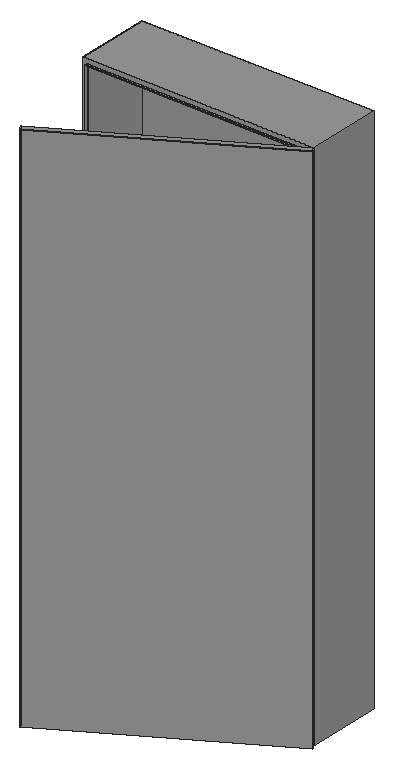
Revit family "Hager-Univers-IP41-D275-H1850-Cl.I-Steel_encl-NoHosted-AT-de", category Equipement électrique, Revit 2020
Family settings
  Configuration du panneau = Deux colonnes, circuits au sein
  Cote de connecteur circulaire = Utiliser le diamètre
  Type d'élément = Tableau de raccordement
  Basée sur le plan de construction = Oui
  Toujours verticalement = Oui
  Couper avec des vides une fois chargée = Non
  Partagée = Non
  Point de calcul de pièce = Non
Parameters (values of type "Aufputz IP41 B800 H1850 T275  - FS23E")
  Width Control [instance] = if([EF000008 - Breite] > Min Width, [EF000008 - Breite], Min Width)  # 800 mm
  Commentaires du type = [HG000003 - Bereich]  # "Univers"
  Thickness Door [instance] = if([EF009171 - Materialstärke Tür/Deckel] > 3 mm, 3 mm, [EF009171 - Materialstärke Tür/Deckel])  # 1.5 mm
  Seal Frame Offset [instance] = 17 mm  # constant formula
  Plinth Visibility [instance] = [HG000027 - Sockelhöhe] > 0 mm  # no
  Min Width [instance] = 100 mm  # constant formula
  Min Depth [instance] = (2 * [EF009170 - Materialstärke Gehäuse]) + 1 mm  # 4 mm
  Min Height [instance] = 100 mm  # constant formula
  Internal Frame Depth [instance] = (Door System Depth * 0.5)  # 9 mm
  Panel Name [instance] = ""  # (empty or 0)
  Model = ""
  HG000027 - Sockelhöhe = 0 mm
  HG000026 - Stehend auf dem Boden = no
  HG000024 - Höhe des unteren Teils = 600 mm
  HG000023 - Gehäuse mit doppeltem Querschnitt = no
  HG000016 - 3D-Türsichtbarkeit [instance] = yes
  HG000015 - Sichtbarkeit der Türöffnung [instance] = no
  HG000014 - Tür rechts [instance] = yes
  HG000013 - Tür links [instance] = not([HG000014 - Tür rechts])  # no
  HG000012 - Türschwenkwinkel [instance] = 30.00°
  HG000010 - Asymmetrische Türen = no
  HG000009 - Doppelflügeligen Tür = no
  HG000006 - Unterputz = no
  HG000004 - Herstellerreferenz = "FS23E"
  HG000003 - Bereich = "Univers"
  HG000002 - Mit tür = yes
  Frame Offset Bottom [instance] = 10 mm  # constant formula
  Frame Offset [instance] = 15 mm  # constant formula
  EF015940 - Deckel mit Überdruckentlastung = no
  EF011959 - Schutzart (NEMA) = ""
  EF009554 - Anzahl der Öffnungen für Flanschplatten = 6
  EF009212 - Ausführung Deckel = "EV000116 - geschlossen"
  EF009171 - Materialstärke Tür/Deckel = 1.5 mm
  EF009170 - Materialstärke Gehäuse = 1.5 mm
  EF008873 - Nennstrom (In) = 630 A
  EF007800 - Geeignet für Blitzschutz = no
  EF006306 - Mit Schloss = no
  EF006244 - Transparenter Deckel/Tür = no
  EF005474 - Schutzart (IP) = "EV006416 - IP41"
  EF004464 - Art der Tür = "EV002646 - Einzel"
  EF004427 - Anzahl der Module = 432
  EF004293 - Schlagfestigkeit = "EV006813 - IK07"
  EF003532 - Geeignet für Außengebrauch = no
  EF002950 - Breite in Teilungseinheiten = 24
  EF001613 - Funktionserhalt = "EV000494 - ohne"
  EF001596 - Werkstoff des Gehäuses = "EV000179 - Stahl"
  EF001131 - Innentiefe = 275 mm
  EF001088 - Anbaumöglichkeit = yes
  EF000437 - Anzahl der Leitungseinführungen = 6
  EF000339 - Art der Abdeckung = "EV004216 - Tür"
  EF000266 - Anzahl der Reihen = 12
  EF000218 - Einbautiefe = 0 mm
  EF000118 - Mit Montageplatte = no
  EF000116 - RAL-Nummer = "7035"
  EF000049 - Tiefe = 275 mm
  EF000040 - Höhe = 1850 mm
  EF000008 - Breite = 800 mm
  EF000007 - Farbe = "EV000270 - grau"
  EF000003 - Montageart = "EV000384 - Aufputz"
  Door System Leaf Tolerance [instance] = 1.5 mm  # constant formula
  Door System Depth [instance] = 18 mm  # constant formula
  Door Height [instance] = Height Control - [HG000027 - Sockelhöhe]  # 1850 mm
  Description = ""
  Default Elevation = 1219.2 mm
  Connector Offset [instance] = Height Control / 2  # 925 mm
  Fabricant = "Hager"  # constant formula
  Height Control [instance] = if([EF000040 - Höhe] > Min Height, [EF000040 - Höhe], Min Height)  # 1850 mm
  Depth Control [instance] = if([EF000049 - Tiefe] > Min Depth, [EF000049 - Tiefe], Min Depth)  # 275 mm
  Bottom Top Plate Trim [instance] = 1.5 mm  # constant formula
  Plinth height Ctrl [instance] = if([HG000027 - Sockelhöhe] > 0 mm, [HG000027 - Sockelhöhe], 12 mm)  # 12 mm
Types (5, lengths in mm): name | Width Control | HG000009 - Doppelflügeligen Tür | HG000004 - Herstellerreferenz | EF009554 - Anzahl der Öffnungen für Flanschplatten | EF004464 - Art der Tür | EF004427 - Anzahl der Module | EF000437 - Anzahl der Leitungseinführungen | EF000008 - Breite
  Aufputz IP41 B1050 H1850 T275  - FS24E | 1050 | yes | "FS24E" | 8 | "EV003602 - Doppel" | 576 | 8 | 1050
  Aufputz IP41 B1300 H1850 T275  - FS25E | 1300 | yes | "FS25E" | 10 | "EV003602 - Doppel" | 720 | 10 | 1300
  Aufputz IP41 B300 H1850 T275  - FS21E | 300 | no | "FS21E" | 2 | "EV002646 - Einzel" | 144 | 2 | 300
  Aufputz IP41 B550 H1850 T275  - FS22E | 550 | no | "FS22E" | 4 | "EV002646 - Einzel" | 288 | 4 | 550
  Aufputz IP41 B800 H1850 T275  - FS23E | 800 | no | "FS23E" | 6 | "EV002646 - Einzel" | 432 | 6 | 800
Reference planes
  plane 1 "Center (Front/Back)": y = 0
  plane 2: z = 0
  plane 3 "Center (Left/Right)": x = 0
  plane 4: y = 0
  plane 5: y = 0
  plane 6: z = 0
  plane 7: x = -400
  plane 8: x = 400
  plane 9: x = 398.5
  plane 10: x = -398.5
  plane 11: z = 0
  plane 12: z = 1.5
  plane 13: y = -275
  plane 14: y = -1.5
  plane 15: x = 0
  plane 16: y = -257
  plane 17: y = -273.5
  plane 18: y = -255.5
  plane 19: x = -383.5
  plane 20: x = 383.5
  plane 21: z = 11.5
  plane 22: x = -383
  plane 23: x = 383
  plane 24: z = 0
  plane 25: z = 1850
  plane 26: z = 1850
  plane 27: z = 1833.5
  plane 28: z = 1848.5
Forms (mm)
  Extrusion 1, solid, material "Hager_Steel_RAL7035_Light_Grey", detail levels medium+fine
    sketch origin (-208.679, -4572, 0) x (-1, 0, 0) y (0, -1, 0)
      loop
        line (191.321, -4315) -> (-608.679, -4315) -> (-608.679, -4572) -> (191.321, -4572) -> (191.321, -4315)
    from 0 to 1850
  Extrusion 2, void
    sketch origin (-350.771, -275, 1219.2) x (1, 0, 0) y (0, 0, 1)
      loop
        line (-47.729, 629.3) -> (-47.729, -1217.7) -> (749.271, -1217.7) -> (749.271, 629.3) -> (-47.729, 629.3)
    from -19.5 to -273.5
  Extrusion 3, void
    sketch origin (-290.084, -257, 1219.2) x (1, 0, 0) y (0, 0, 1)
      loop
        line (-93.416, -1207.7) -> (673.584, -1207.7) -> (673.584, 614.3) -> (-93.416, 614.3) -> (-93.416, -1207.7)
    from 0 to -1.5
  Extrusion 4, solid, material "Hager_Steel_RAL7035_Light_Grey", visible <- "Plinth Visibility", detail levels medium+fine
    sketch origin (0, 0, 0) x (1, 0, 0) y (0, 1, 0)
      loop
        line (-400, 0) -> (-400, -257) -> (400, -257) -> (400, 0) -> (-400, 0)
    from 0 to 12 <- "Plinth height Ctrl"
  Extrusion 5, solid, material "Hager_Steel_RAL7035_Light_Grey", detail levels coarse
    sketch origin (0, 0, 0) x (1, 0, 0) y (0, 1, 0)
      loop
        line (-400, 0) -> (-400, -275) -> (400, -275) -> (400, 0) -> (-400, 0)
    from 0 to 1850 <- "Height Control"
  Sweep 6, void
    path in 3D
      loop
        line (-400, -257, 12) -> (400, -257, 12) -> (400, 0, 12) -> (-400, 0, 12) -> (-400, -257, 12)
    profile origin (-400, -128.5, 12) x (1, 0, 0) y (0, 0, 1)
      loop
        line (0, 0) -> (0, -1.5) -> (1.5, -1.5)
        arc (1.5, -1.5) -> (1.061, -0.439) -> (0, 0) r 1.5
  Extrusion 7, solid, material "Hager_Steel_RAL7035_Light_Grey", detail levels fine
    sketch origin (-400, -257, 0) x (1, 0, 0) y (0, 0, 1)
      loop
        line (16.5, 11.5) -> (783.5, 11.5) -> (783.5, 1833.5) -> (16.5, 1833.5) -> (16.5, 11.5)
      loop
        line (15, 10) -> (785, 10) -> (785, 1835) -> (15, 1835) -> (15, 10)
    from 0 to 9 <- "Internal Frame Depth"
Cuts and joins
  Extrusion 2, Extrusion 3 cuts Extrusion 1
  Sweep 6 cuts Extrusion 4
Lines and regions (mm)
  Masking region 1
    outline origin (0, 0, 0) x (1, 0, 0) y (0, 1, 0)
      loop
        line (-400, 0) -> (-400, -275) -> (400, -275) -> (400, 0) -> (-400, 0)
  Masking region 2, detail levels coarse
    outline origin (-290.084, -257, 1219.2) x (-1, 0, 0) y (0, 0, 1)
      loop
        line (-690.084, -1219.2) -> (109.916, -1219.2) -> (109.916, 630.8) -> (-690.084, 630.8) -> (-690.084, -1219.2)
  Masking region 3, detail levels coarse
    outline origin (0, 0, 0) x (0, 1, 0) y (0, 0, 1)
      loop
        line (0, 0) -> (0, 1850) -> (-275, 1850) -> (-275, 0) -> (0, 0)
  Masking region 4, visible <- "Plinth Visibility", detail levels medium+fine
    outline origin (0, 0, 0) x (0, 1, 0) y (0, 0, 1)
      loop
        line (-1.5, 12) -> (-255.5, 12)
        arc (-255.5, 12) -> (-255.939, 10.939) -> (-257, 10.5) r 1.5
        line (-257, 10.5) -> (-257, 0) -> (0, 0) -> (0, 10.5)
        arc (0, 10.5) -> (-1.061, 10.939) -> (-1.5, 12) r 1.5
  Masking region 5, detail levels medium+fine
    outline origin (0, 0, 594.038) x (0, 1, 0) y (0, 0, 1)
      loop
        line (0, -594.038) -> (0, 1255.962) -> (-257, 1255.962) -> (-257, -594.038) -> (0, -594.038)
  Masking region 6, detail levels medium+fine
    outline origin (-359.7, -257, 1211.883) x (-1, 0, 0) y (0, 0, 1)
      loop
        line (-759.7, -1211.883) -> (40.3, -1211.883) -> (40.3, 638.117) -> (-759.7, 638.117) -> (-759.7, -1211.883)
  Masking region 7, visible <- "Plinth Visibility", detail levels medium+fine
    outline origin (-320.334, -257, 1041.368) x (-1, 0, 0) y (0, 0, 1)
      loop
        line (-720.334, -1041.368) -> (79.666, -1041.368) -> (79.666, -1030.868)
        arc (79.666, -1030.868) -> (78.606, -1030.429) -> (78.166, -1029.368) r 1.5
        line (78.166, -1029.368) -> (-718.834, -1029.368)
        arc (-718.834, -1029.368) -> (-719.273, -1030.429) -> (-720.334, -1030.868) r 1.5
        line (-720.334, -1030.868) -> (-720.334, -1041.368)
  sketch lines
    curve 1: line (-400, 0, 12) -> (-400, -257, 12)
    curve 2: line (-400, -257, 12) -> (400, -257, 12)
    curve 3: line (400, 0, 12) -> (-400, 0, 12)
    curve 4: line (400, -257, 12) -> (400, 0, 12)
Dimensions and locks
  locked: plane 1 "Center (Front/Back)" to plane 5
  "EF009170 - Materialstärke Gehäuse": plane 7 to plane 10
  "EF009170 - Materialstärke Gehäuse": plane 8 to plane 9
  equal spacing: plane 7, plane 3 "Center (Left/Right)", plane 8
  "Width Control": plane 7 to plane 8
  "Depth Control": plane 4 to plane 13
  "EF009170 - Materialstärke Gehäuse": plane 4 to plane 14
  "Height Control": plane 25 to level
  "HG000027 - Sockelhöhe": plane 11 to level
  "EF009170 - Materialstärke Gehäuse": plane 12 to plane 11
  "EF009170 - Materialstärke Gehäuse": plane 17 to plane 13
  "EF009170 - Materialstärke Gehäuse": plane 18 to plane 16
  "Frame Offset Bottom": plane 21 to plane 12
  "Frame Offset": plane 10 to plane 19
  "Frame Offset": plane 9 to plane 20
  "Door System Depth": plane 16 to plane 13
  "Seal Frame Offset": plane 7 to plane 22
  "Seal Frame Offset": plane 8 to plane 23
  "EF009170 - Materialstärke Gehäuse": plane 26 to plane 28
  "Frame Offset": plane 28 to plane 27
  "Connector Offset": plane 2 to connector elem
  "Bottom Top Plate Trim": profile plane to Sweep 6 sketch curve
  "Bottom Top Plate Trim": Sweep 6 sketch curve to Sweep 6 sketch curve
  "Plinth height Ctrl": Masking region 4 sketch curve to level
  "Plinth height Ctrl": Masking region 7 sketch curve to level
  "Thickness Door": Extrusion 7 sketch curve to Extrusion 7 sketch curve  (x4)
  "Bottom Top Plate Trim": radius of Sweep 6 sketch curve
  "Bottom Top Plate Trim": radius of Masking region 4 sketch curve  (x2)
  "Bottom Top Plate Trim": radius of Masking region 7 sketch curve  (x2)
  aligned and locked: Extrusion 2 sketch curve to plane 12
  aligned and locked: Extrusion 2 sketch curve to plane 9
  aligned and locked: Extrusion 2 sketch curve to plane 10
  aligned and locked: Extrusion 2 to plane 14
  aligned and locked: Extrusion 1 sketch curve to plane 4
  aligned and locked: plane 8 to Extrusion 1 sketch curve
  aligned and locked: plane 7 to Extrusion 1 sketch curve
  aligned and locked: Extrusion 2 to plane 18
  aligned and locked: Extrusion 3 sketch curve to plane 19
  aligned and locked: plane 20 to Extrusion 3 sketch curve
  aligned and locked: Extrusion 3 to Extrusion 2
  aligned and locked: Extrusion 3 sketch curve to plane 21
  aligned and locked: plane 3 "Center (Left/Right)" to nested 1
  aligned and locked: Extrusion 1 sketch curve to plane 16
  aligned and locked: Extrusion 4 sketch curve to cut or joined group of Extrusion 1, Extrusion 2, Extrusion 3
  aligned and locked: Masking region 1 sketch curve to plane 7
  aligned and locked: Masking region 1 sketch curve to plane 5
  aligned and locked: Masking region 1 sketch curve to plane 8
  aligned and locked: Masking region 2 sketch curve to level
  aligned and locked: level to Masking region 3 sketch curve
  aligned and locked: plane 1 "Center (Front/Back)" to Masking region 3 sketch curve
  aligned and locked: plane 13 to Masking region 3 sketch curve
  aligned and locked: plane 5 to Masking region 4 sketch curve
  aligned and locked: Masking region 2 sketch curve to plane 8
  aligned and locked: Masking region 2 sketch curve to plane 7
  aligned and locked: plane 7 to nested 2
  aligned and locked: nested 2 to plane 5
  aligned and locked: plane 5 to Masking region 5 sketch curve
  aligned and locked: plane 26 to Masking region 5 sketch curve
  aligned and locked: Extrusion 5 sketch curve to plane 8
  aligned and locked: Extrusion 5 sketch curve to plane 7
  aligned and locked: Extrusion 5 sketch curve to plane 5
  aligned and locked: Extrusion 3 sketch curve to plane 27
  aligned and locked: Extrusion 2 sketch curve to plane 28
  aligned and locked: Masking region 2 to plane 25
  aligned and locked: Extrusion 4 to plane 16
  aligned and locked: profile plane to Sweep 6 sketch curve
  aligned and locked: Masking region 5 sketch curve to plane 24
  aligned and locked: level to Masking region 4 sketch curve
  aligned and locked: Masking region 1 to plane 13
  aligned and locked: nested 1 to plane 16
  aligned and locked: Masking region 3 to plane 25
  aligned and locked: plane 16 to Masking region 4 sketch curve
  aligned and locked: Masking region 5 sketch curve to plane 16
  aligned and locked: plane 24 to plane 11
  aligned and locked: plane 26 to plane 25
  aligned and locked: plane 26 to cut or joined group of Extrusion 1, Extrusion 2, Extrusion 3
  aligned and locked: nested 1 to plane 24
  aligned and locked: Extrusion 1 to Extrusion 3
  aligned and locked: Masking region 6 sketch curve to plane 8
  aligned and locked: Masking region 6 sketch curve to plane 24
  aligned and locked: Masking region 6 sketch curve to plane 7
  aligned and locked: Masking region 6 sketch curve to plane 26
  aligned and locked: Masking region 7 sketch curve to plane 7
  aligned and locked: level to Masking region 7 sketch curve
  aligned and locked: Masking region 7 sketch curve to plane 8
  aligned and locked: Extrusion 7 sketch curve to cut or joined group of Extrusion 1, Extrusion 2, Extrusion 3  (x4)
Automatic sketch dimensions
  plane 19 to Extrusion 3 sketch curve = 0 mm
  Extrusion 3 sketch curve to plane 20 = 0 mm
  Extrusion 3 sketch curve to plane 21 = 0 mm
  Extrusion 4 sketch curve to plane 7 = 0 mm
  Extrusion 4 sketch curve to plane 8 = 0 mm
  Extrusion 4 sketch curve to plane 16 = 0 mm
  Masking region 1 sketch curve to plane 13 = 0 mm
  Masking region 2 sketch curve to plane 25 = 0 mm
  Masking region 3 sketch curve to plane 25 = 0 mm
  Extrusion 5 sketch curve to plane 13 = 0 mm
  profile plane to Sweep 6 sketch curve = 0 mm
Nested families
  nested 1: "EC000058_Univers_Door" at (0, -257, 0), Double <- "HG000009 - Doppelflügeligen Tür", Transparent <- "EF006244 - Transparenter Deckel/Tür", Angle <- "HG000012 - Türschwenkwinkel", Door_Right <- "HG000014 - Tür rechts", Assymetrical <- "HG000010 - Asymmetrische Türen", Door <- "HG000002 - Mit tür", Width_Ctrl <- "Width Control", 3d_Door <- "HG000016 - 3D-Türsichtbarkeit", Clearance <- "HG000015 - Sichtbarkeit der Türöffnung", Door_Left <- "HG000013 - Tür links", Width <- "Width Control", Door_Depth <- "Door System Depth", Leaf_Tolerance <- "Door System Leaf Tolerance", Height <- "Door Height", Lock_Visibility <- "EF006306 - Mit Schloss", Thickness <- "Thickness Door", type "EC000058_Univers_Door", detail levels medium+fine
    with min_wh 4 mm, Width_Ctrl 800 mm, Width 800 mm, Transparent no, Thickness 1.5 mm, Seal_Material Hager_Rubber, Lock_Visibility no, Lock_Material Hager_Plastic_RAL9005_Jet_Black, Leaf_Width 800 mm, Leaf_Tolerance_External_Sides 0 mm, Leaf_Tolerance 1.5 mm, Leaf_Offset 0 mm, Leaf_Height 1847 mm, Leaf_2_Width 800 mm, Leaf_2_Offset 400 mm, Leaf_1_Width 800 mm, Leaf_1_Offset 400 mm, Height_Ctrl 1850 mm, Height 1850 mm, Glass_Material Hager_Glass, Double_Clearance_Ctrl no, Double no, Door_Right_Ctrl yes, Door_Right yes, Door_Material Hager_Steel_RAL7035_Light_Grey, Door_Left_Ctrl no, Door_Left no, Door_Depth 18 mm, Door yes, Clearance_Material Hager_Clearance, Clearance_Depth 800 mm, Clearance_Ctrl no, Clearance no, Assymetrical no, Angle 30.00°, 3d_Door yes
  nested 2: "Hager_Enclosure_Symbol" at (-400, 0, 0), Height <- "Depth Control", Width <- "Width Control", type "Hager_Enclosure_Symbol"
    with Width_Ctrl 800 mm, Width 800 mm, Height_Ctrl 275 mm, Height 275 mm, A_Width_Int 18.047 mm, A_Width 216.562 mm, A_Height_Ctrl 240.625 mm, A_Height 240.625 mm
Connectors
  electrical at (0, 0, 925)
    settings: on plane 1 "Center (Front/Back)", index 1, voltage 0 V, apparent load 0 VA, apparent load phase1 0 VA, apparent load phase2 0 VA, apparent load phase3 0 VA, power factor 1, load classification "Other", number of poles 1, system type 30, power factor state 1, is connector primary yes, connector utility no, sub classification motor no, connector description ""
Definition of nested family "EC000058_Univers_Door"
  Parameters (values of type "EC000058_Univers_Door")
    min_wh [instance] = (2 * Thickness) + 1 mm  # 11 mm
    Width_Ctrl [instance] = 400 mm
    Width [instance] = 500 mm
    Transparent [instance] = yes
    Thickness [instance] = 5 mm
    Seal_Material [instance] = none
    Lock_Visibility [instance] = yes
    Lock_Material [instance] = none
    Leaf_Width [instance] = if((Width_Ctrl - 2 * Leaf_Tolerance_External_Sides) > 0 mm, (Width_Ctrl - 2 * Leaf_Tolerance_External_Sides), min_wh)  # 400 mm
    Leaf_Tolerance_External_Sides [instance] = 0 mm  # constant formula
    Leaf_Tolerance [instance] = 1.5 mm
    Leaf_Offset [instance] = 0 mm  # constant formula
    Leaf_Height [instance] = if((Height_Ctrl - 2 * Leaf_Tolerance) > 0 mm, (Height_Ctrl - 2 * Leaf_Tolerance), min_wh)  # 497 mm
    Leaf_2_Width [instance] = if(and(and(Double, Assymetrical), Door_Left), (Leaf_Width / 3) - (Leaf_Tolerance / 2), if(and(and(Double, Assymetrical), Door_Right), (Leaf_Width / 3) * 2 - (Leaf_Tolerance / 2), if(and(Double, not(Assymetrical)), (Leaf_Width / 2) - Leaf_Tolerance, Leaf_Width)))  # 400 mm
    Leaf_2_Offset [instance] = if(and(Double, Assymetrical), Leaf_2_Width / 2, if(and(Double, not(Assymetrical)), Leaf_Width / 4, Leaf_Width / 2))  # 200 mm
    Leaf_1_Width [instance] = if(and(and(Double, Assymetrical), Door_Right), (Leaf_Width / 3) - (Leaf_Tolerance / 2), if(and(and(Double, Assymetrical), Door_Left), (Width / 3) * 2 - (Leaf_Tolerance / 2), if(and(Double, not(Assymetrical)), (Leaf_Width / 2) - Leaf_Tolerance, Leaf_Width)))  # 400 mm
    Leaf_1_Offset [instance] = if(and(Double, Assymetrical), Leaf_1_Width / 2, if(and(Double, not(Assymetrical)), Leaf_Width / 4, Leaf_Width / 2))  # 200 mm
    Height_Ctrl [instance] = if(Height > min_wh, Height, min_wh)  # 500 mm
    Height [instance] = 500 mm
    Glass_Material [instance] = none
    Double_Clearance_Ctrl [instance] = and(Double, Clearance)  # no
    Double [instance] = no
    Door_Right_Ctrl [instance] = and(or(Door_Right, Double), Door)  # yes
    Door_Right [instance] = yes
    Door_Material [instance] = none
    Door_Left_Ctrl [instance] = and(or(Door_Left, Double), Door)  # no
    Door_Left [instance] = no
    Door_Depth [instance] = 30 mm
    Door [instance] = yes
    Default Elevation = 1219.2 mm
    Clearance_Material [instance] = none
    Clearance_Depth [instance] = if(Leaf_1_Width > Leaf_2_Width, Leaf_1_Width, Leaf_2_Width)  # 400 mm
    Clearance_Ctrl [instance] = and(not(Double), Clearance)  # yes
    Clearance [instance] = yes
    Assymetrical [instance] = yes
    Angle [instance] = 30.00°
    3d_Door [instance] = yes
  Reference planes
    plane 1 "Center (Front/Back)": y = 0
    plane 2 "Bottom": z = 0
    plane 3 "Center (Left/Right)": x = 0
    plane 4: z = 500
    plane 5: x = -200
    plane 6: x = 200
    plane 7: z = 500
    plane 8: x = -200
    plane 9: z = 0
    plane 10: x = 200
    plane 11: y = 0
    plane 12: z = 1.5
    plane 13: x = -600
    plane 14: y = -400
    plane 15: x = 600
    plane 16: x = 0
    plane 17: x = 0
    plane 18: x = -200
    plane 19: x = 200
    plane 20: z = 498.5
  Forms (mm)
    Extrusion 1, solid, material <- "Clearance_Material", visible <- "Double_Clearance_Ctrl"
      sketch origin (1200, 0, 0) x (1, 0, 0) y (0, 0, -1)
        loop
          line (-1800, -498.5) -> (-600, -498.5) -> (-600, 0) -> (-1800, 0) -> (-1800, -498.5)
      from 0 to -400
  Dimensions and locks
    equal spacing: plane 5, plane 3 "Center (Left/Right)", plane 6
    "Width_Ctrl": plane 5 to plane 6
    "Leaf_Offset": plane 5 to plane 8
    "Leaf_Offset": plane 6 to plane 10
    "Leaf_Offset": plane 9 to level
    "Leaf_Offset": plane 4 to plane 7
    "Height_Ctrl": plane 4 to level
    "Leaf_Tolerance": plane 12 to plane 9
    locked: plane 11 to plane 1 "Center (Front/Back)"
    "Leaf_1_Offset": plane 18 to plane 16
    "Leaf_2_Offset": plane 17 to plane 19
    "Leaf_1_Width": plane 13 to plane 8
    "Leaf_2_Width": plane 10 to plane 15
    "Clearance_Depth": plane 14 to plane 1 "Center (Front/Back)"
    "Leaf_Tolerance_External_Sides": plane 8 to plane 18
    "Leaf_Tolerance_External_Sides": plane 19 to plane 10
    "Leaf_Tolerance": plane 7 to plane 20
    aligned and locked: level to plane 2 "Bottom"
    aligned and locked: nested 1 to plane 16
    aligned and locked: nested 2 to plane 17
    aligned and locked: Extrusion 1 to plane 13
    aligned and locked: plane 15 to Extrusion 1
    aligned and locked: Extrusion 1 to plane 14
    aligned and locked: plane 12 to nested 1
    aligned and locked: nested 2 to plane 12
    aligned and locked: Extrusion 1 to plane 11
    aligned and locked: plane 20 to Extrusion 1
    aligned and locked: nested 2 to plane 11
    aligned and locked: nested 1 to plane 11
  Automatic sketch dimensions
    Extrusion 1 sketch curve to level = 0 mm
    plane 5 to Extrusion 1 sketch curve = 400 mm
    plane 6 to Extrusion 1 sketch curve = 400 mm
    Extrusion 1 sketch curve to plane 4 = 1.5 mm
  Nested families
    nested 1: "EC000058_Univers_Door_Leaf" at (0, 0, 1.5), Width <- "Leaf_1_Width", visible <- "Door_Left_Ctrl", Leaf_Height <- "Leaf_Height", Angle <- "Angle", 3d_Door <- "3d_Door", Transparent <- "Transparent", Clearance Material <- "Clearance_Material", Clearance <- "Clearance_Ctrl", Door_Material <- "Door_Material", Glass_Material <- "Glass_Material", Door_Depth <- "Door_Depth", Lock_Material <- "Lock_Material", Seal_Material <- "Seal_Material", Lock_Visibility <- "Lock_Visibility", Thickness <- "Thickness", type "EC000058_Univers_Door_Leaf"
      with Width 400 mm, Transparent_Glass_Offset 30 mm, Transparent_Ctrl yes, Transparent yes, Thickness 5 mm, Standard no, Seal_Material none, Seal_D2 8 mm, Seal_D1 1 mm, Offset_Internal_Frame 10 mm, Lock_Width 20 mm, Lock_Visibility_3d yes, Lock_Visibility yes, Lock_Thickness_3 3 mm, Lock_Thickness_2 1 mm, Lock_Thickness_1 3 mm, Lock_Radius_Offset_2 16 mm, Lock_Radius_Offset_1 15 mm, Lock_Radius_2 5 mm, Lock_Radius 6 mm, Lock_Offset 5 mm, Lock_Material none, Lock_Height 80 mm, Lock_Cover_Top_Offset_2d 17 mm, Lock_Cover_Height -65 mm, Leaf_Height 497 mm, Internal_Seal_Thickness 8 mm, Internal_Seal_Depth_2 4.5 mm, Internal_Frame_Depth 25 mm, Glass_Thickness -1 mm, Glass_Offset -2 mm, Glass_Material none, Door_Material none, Door_Depth 30 mm, Clearance Material none, Clearance yes, Angle_Ctrl 30.00°, Angle 30.00°, 3d_Door yes
    nested 2: "EC000058_Univers_Door_Leaf" at (0, 0, 1.5) x (-1, 0, 0) z (0, 0, 1), Width <- "Leaf_2_Width", visible <- "Door_Right_Ctrl", Leaf_Height <- "Leaf_Height", Angle <- "Angle", 3d_Door <- "3d_Door", Transparent <- "Transparent", Clearance Material <- "Clearance_Material", Clearance <- "Clearance_Ctrl", Door_Material <- "Door_Material", Glass_Material <- "Glass_Material", Door_Depth <- "Door_Depth", Lock_Material <- "Lock_Material", Seal_Material <- "Seal_Material", Lock_Visibility <- "Lock_Visibility", Thickness <- "Thickness", type "EC000058_Univers_Door_Leaf"
      with Width 400 mm, Transparent_Glass_Offset 30 mm, Transparent_Ctrl yes, Transparent yes, Thickness 5 mm, Standard no, Seal_Material none, Seal_D2 8 mm, Seal_D1 1 mm, Offset_Internal_Frame 10 mm, Lock_Width 20 mm, Lock_Visibility_3d yes, Lock_Visibility yes, Lock_Thickness_3 3 mm, Lock_Thickness_2 1 mm, Lock_Thickness_1 3 mm, Lock_Radius_Offset_2 16 mm, Lock_Radius_Offset_1 15 mm, Lock_Radius_2 5 mm, Lock_Radius 6 mm, Lock_Offset 5 mm, Lock_Material none, Lock_Height 80 mm, Lock_Cover_Top_Offset_2d 17 mm, Lock_Cover_Height -65 mm, Leaf_Height 497 mm, Internal_Seal_Thickness 8 mm, Internal_Seal_Depth_2 4.5 mm, Internal_Frame_Depth 25 mm, Glass_Thickness -1 mm, Glass_Offset -2 mm, Glass_Material none, Door_Material none, Door_Depth 30 mm, Clearance Material none, Clearance yes, Angle_Ctrl 30.00°, Angle 30.00°, 3d_Door yes
  Definition of nested family "EC000058_Univers_Door_Leaf"
    Parameters (values of type "EC000058_Univers_Door_Leaf")
      Width [instance] = 2000 mm
      Transparent_Glass_Offset [instance] = 30 mm
      Transparent_Ctrl [instance] = and(Transparent, [3d_Door])  # yes
      Transparent [instance] = yes
      Thickness [instance] = 5 mm
      Standard [instance] = and(not(Transparent), [3d_Door])  # no
      Seal_Material [instance] = none
      Seal_D2 [instance] = 8 mm  # constant formula
      Seal_D1 [instance] = 1 mm  # constant formula
      Offset_Internal_Frame [instance] = 10 mm  # constant formula
      Lock_Width [instance] = 20 mm  # constant formula
      Lock_Visibility_3d [instance] = and(Lock_Visibility, [3d_Door])  # yes
      Lock_Visibility [instance] = yes
      Lock_Thickness_3 [instance] = 3 mm  # constant formula
      Lock_Thickness_2 [instance] = 1 mm  # constant formula
      Lock_Thickness_1 [instance] = 3 mm  # constant formula
      Lock_Radius_Offset_2 [instance] = Lock_Radius_Offset_1 + 1 mm  # 16 mm
      Lock_Radius_Offset_1 [instance] = 15 mm  # constant formula
      Lock_Radius_2 [instance] = Lock_Radius - 1 mm  # 5 mm
      Lock_Radius [instance] = 6 mm  # constant formula
      Lock_Offset [instance] = 5 mm  # constant formula
      Lock_Material [instance] = none
      Lock_Height [instance] = 80 mm  # constant formula
      Lock_Cover_Top_Offset_2d [instance] = Lock_Radius_Offset_2 + 1 mm  # 17 mm
      Lock_Cover_Height [instance] = -(Lock_Height - Lock_Radius_Offset_1)  # -65 mm
      Leaf_Height [instance] = 2720.336 mm
      Internal_Seal_Thickness [instance] = 8 mm  # constant formula
      Internal_Seal_Depth_2 [instance] = 4.5 mm  # constant formula
      Internal_Frame_Depth [instance] = if(Door_Depth - Thickness > 5 mm, Door_Depth - Thickness, 5 mm)  # 25 mm
      Glass_Thickness [instance] = if(Thickness > 15 mm, Glass_Offset + 10 mm, -1 mm)  # -1 mm
      Glass_Offset [instance] = if(Thickness > 15 mm, -(Thickness + 10 mm) / 2, -2 mm)  # -2 mm
      Glass_Material [instance] = none
      Door_Material [instance] = none
      Door_Depth [instance] = 30 mm
      Default Elevation = 0 mm
      Clearance Material [instance] = none
      Clearance [instance] = yes
      Angle_Ctrl [instance] = if(Angle > 180.00°, 180.00°, Angle)  # 90.00°
      Angle [instance] = 90.00°
      3d_Door [instance] = yes
    Reference planes
      plane 1 "Center (Front/Back)": y = 0
      plane 2: z = 0
      plane 3 "Center (Left/Right)": x = 0
      plane 4: y = 2000
      plane 5: x = -1000
      plane 6: x = 1000
      plane 7: x = -3000
      plane 8: z = 2720.336
      plane 9: z = 30
      plane 10: z = 2690.336
      plane 11: x = 970
      plane 12: x = -970
      plane 13: y = -3
      plane 14: z = 107.833
      plane 15: y = -5
      plane 16: y = -223.314
      plane 17: x = -1000
      plane 18: z = 1360.168
      plane 19: y = 30
    Forms (mm)
      Extrusion 1, solid, material <- "Clearance Material", visible <- "Clearance"
        sketch origin (0, 0, 0) x (1, 0, 0) y (0, 0, 1)
          loop
            line (-3000, 2720.336) -> (-3000, 0) -> (1000, 0) -> (1000, 2720.336) -> (-3000, 2720.336)
        from 0 to -2000
      Extrusion 2, solid, material <- "Door_Material", visible <- "Standard", detail levels medium+fine
        sketch origin (-1000, 0, 0) x (0, 1, 0) y (-1, 0, 0)
          loop
            line (0, 30) -> (0, 25) -> (2000, 25) -> (2000, 30) -> (0, 30)
        from 0 to 2720.336 <- "Leaf_Height"
      Extrusion 3, solid, material <- "Door_Material", visible <- "Transparent_Ctrl", detail levels medium+fine
        sketch origin (-1000, 0, 0) x (0, 1, 0) y (-1, 0, 0)
          loop
            line (0, 25) -> (2000, 25) -> (2000, 30) -> (0, 30) -> (0, 25)
        from 0 to 2720.336 <- "Leaf_Height"
      Extrusion 4, void
        sketch origin (-1025, 2000, 0) x (0, 1, 0) y (0, 0, -1)
          loop
            line (-30, -2690.336) -> (-30, -30) -> (-1970, -30) -> (-1970, -2690.336) -> (-30, -2690.336)
        from 0 to 5 <- "Thickness"
      Sweep 5, solid, material <- "Seal_Material", visible <- "Transparent_Ctrl", detail levels fine
        path in 3D
          loop
            line (-1025, 30, 30) -> (-1025, 30, 2690.336) -> (-1025, 1970, 2690.336) -> (-1025, 1970, 30) -> (-1025, 30, 30)
        profile origin (-1025, 1000, 30) x (1, 0, 0) y (0, 0, 1)
          loop
            line (0, 0) -> (0, -8) -> (1, -8) -> (1, 0) -> (0, 0)
      Extrusion 6, solid, material <- "Glass_Material", visible <- "Transparent_Ctrl", detail levels medium+fine
        sketch origin (-1030, 0, 0) x (0, 1, 0) y (0, 0, -1)
          loop
            line (1970, -2690.336) -> (1970, -30) -> (30, -30) -> (30, -2690.336) -> (1970, -2690.336)
        from -2 <- "Glass_Offset" to -1 <- "Glass_Thickness"
      Extrusion 7, solid, material <- "Door_Material", visible <- "3d_Door", detail levels medium+fine
        sketch origin (-1025, 2000, 0) x (0, -1, 0) y (0, 0, -1)
          loop
            line (0, -2720.336) -> (2000, -2720.336) -> (2000, 0) -> (0, 0) -> (0, -2720.336)
          loop
            line (1995, -5) -> (5, -5) -> (5, -2715.336) -> (1995, -2715.336) -> (1995, -5)
        from 0 to 25 <- "Internal_Frame_Depth"
      Sweep 8, solid, material <- "Seal_Material", visible <- "Transparent_Ctrl", detail levels fine
        path in 3D
          loop
            line (-1025, 0, 0) -> (-1025, 2000, 0) -> (-1025, 2000, 2720.336) -> (-1025, 0, 2720.336) -> (-1025, 0, 0)
        profile origin (-1025, 0, 1360.168) x (1, 0, 0) y (0, 1, 0)
          loop
            line (0, 10) -> (2.975, 10)
            arc (2.975, 10) -> (4.053, 10.447) -> (4.5, 11.525) r 1.525
            line (4.5, 11.525) -> (4.5, 16.527)
            arc (4.5, 16.527) -> (4.069, 17.569) -> (3.027, 18) r 1.473
            line (3.027, 18) -> (0, 18) -> (0, 10)
      Extrusion 9, solid, material <- "Lock_Material", visible <- "Lock_Visibility_3d", detail levels fine
        sketch origin (-1030, 0, 0) x (0, 1, 0) y (0, 0, -1)
          loop
            arc (1993.5, -1400.168) -> (1994.561, -1399.729) -> (1995, -1398.668) r 1.5
            line (1995, -1398.668) -> (1995, -1320.168) -> (1975, -1320.168) -> (1975, -1398.668)
            arc (1975, -1398.668) -> (1975.439, -1399.729) -> (1976.5, -1400.168) r 1.5
            line (1976.5, -1400.168) -> (1993.5, -1400.168)
        from 3 <- "Lock_Thickness_1" to 0
      Blend 10, solid, material <- "Lock_Material", visible <- "Lock_Visibility_3d", detail levels fine
        base sketch origin (-1033, 0, 0) x (0, 1, 0) y (0, 0, -1)
          loop
            line (1975, -1320.168) -> (1975, -1398.668)
            arc (1975, -1398.668) -> (1975.439, -1399.729) -> (1976.5, -1400.168) r 1.5
            line (1976.5, -1400.168) -> (1993.5, -1400.168)
            arc (1993.5, -1400.168) -> (1994.561, -1399.729) -> (1995, -1398.668) r 1.5
            line (1995, -1398.668) -> (1995, -1320.168) -> (1975, -1320.168)
        top sketch origin (-1033, 0, 0) x (0, 1, 0) y (0, 0, -1)
          loop
            line (1976, -1320.168) -> (1976, -1398.668)
            arc (1976, -1398.668) -> (1976.146, -1399.022) -> (1976.5, -1399.168) r 0.5
            line (1976.5, -1399.168) -> (1993.5, -1399.168)
            arc (1993.5, -1399.168) -> (1993.854, -1399.022) -> (1994, -1398.668) r 0.5
            line (1994, -1398.668) -> (1994, -1320.168) -> (1976, -1320.168)
        from 0 to 1 <- "Lock_Thickness_2"
      Blend 11, solid, material <- "Lock_Material", visible <- "Lock_Visibility_3d", detail levels fine
        base sketch origin (-1034, 0, 0) x (0, 1, 0) y (0, 0, -1)
          loop
            line (1978, -1320.168) -> (1978, -1384.168)
            arc (1978, -1384.168) -> (1985, -1391.168) -> (1992, -1384.168) r 7
            line (1992, -1384.168) -> (1992, -1320.168) -> (1978, -1320.168)
        top sketch origin (-1034, 0, 0) x (0, 1, 0) y (0, 0, -1)
          loop
            line (1991, -1320.168) -> (1979, -1320.168) -> (1979, -1383.168)
            arc (1979, -1383.168) -> (1985, -1389.168) -> (1991, -1383.168) r 6
            line (1991, -1383.168) -> (1991, -1320.168)
        from 0 to 3 <- "Lock_Thickness_3"
      Extrusion 12, solid, material <- "Lock_Material", visible <- "Lock_Visibility_3d", detail levels fine
        sketch origin (-1030, 1975, 1320.168) x (1, 0, 0) y (0, -1, 0)
          loop
            line (-7, -19) -> (-7, -1) -> (0, -1) -> (0, 0) -> (-8, 0) -> (-8, -20) -> (0, -20) -> (0, -19) -> (-7, -19)
        from 0 to -65 <- "Lock_Cover_Height"
      Extrusion 13, void
        sketch origin (-1038, 1995, 1320.168) x (-1, 0, 0) y (0, 0, -1)
          loop
            line (-5, -65) -> (0, -65) -> (-5, -60) -> (-5, -65)
        from 0 to 20 <- "Lock_Width"
      Extrusion 14, void
        sketch origin (-1038, 1975, 1320.168) x (0, -1, 0) y (0, 0, -1)
          loop
            circle (-10, -15.995) r 6
          loop
            circle (-10, -15.995) r 5
        from 0 to 2
      Extrusion 15, solid, material <- "Lock_Material", visible <- "Lock_Visibility_3d", detail levels medium
        sketch origin (-1030, 0, 0) x (0, 1, 0) y (0, 0, -1)
          loop
            arc (1993.5, -1400.168) -> (1994.561, -1399.729) -> (1995, -1398.668) r 1.5
            line (1995, -1398.668) -> (1995, -1320.168) -> (1975, -1320.168) -> (1975, -1398.668)
            arc (1975, -1398.668) -> (1975.439, -1399.729) -> (1976.5, -1400.168) r 1.5
            line (1976.5, -1400.168) -> (1993.5, -1400.168)
        from 8 to 0
    Cuts and joins
      Extrusion 4 cuts Extrusion 3
      Extrusion 13, Extrusion 14 cuts Extrusion 9
      Extrusion 14 cuts Blend 11
      Extrusion 13, Extrusion 14 cuts Extrusion 12
      joined: Extrusion 9, Blend 10, Blend 11, Extrusion 12
      Extrusion 14 cuts Extrusion 15
    Lines and regions (mm)
      Masking region 1, visible <- "Lock_Visibility", detail levels fine
        outline origin (0, 0, 0) x (0, 1, 0) y (0, 0, 1)
          loop
            line (30, 1320.168) -> (33, 1320.168) -> (33, 1400.168) -> (30, 1400.168) -> (30, 1320.168)
      Masking region 2, visible <- "Lock_Visibility", detail levels fine
        outline origin (0, 3.143, 0) x (0, 1, 0) y (0, 0, 1)
          loop
            line (29.857, 1354.168) -> (30.857, 1354.168) -> (30.857, 1366.168) -> (29.857, 1366.168) -> (29.857, 1354.168)
      Masking region 3, detail levels medium+fine
        outline origin (0, 0, 0) x (0, 1, 0) y (0, 0, 1)
          loop
            line (0, 0) -> (30, 0) -> (30, 2720.336) -> (0, 2720.336) -> (0, 0)
      Masking region 4, detail levels medium+fine
        outline origin (0, 0, 0) x (1, 0, 0) y (0, 0, 1)
          loop
            line (-1000, 2720.336) -> (-1000, 0) -> (1000, 0) -> (1000, 2720.336) -> (-1000, 2720.336)
      Masking region 5, visible <- "Lock_Visibility", detail levels fine
        outline origin (-47.116, 0, 0) x (1, 0, 0) y (0, 0, 1)
          loop
            arc (1024.616, 1399.168) -> (1023.556, 1398.729) -> (1023.116, 1397.668) r 1.5
            line (1023.116, 1397.668) -> (1023.116, 1320.168) -> (1041.116, 1320.168) -> (1041.116, 1397.668)
            arc (1041.116, 1397.668) -> (1040.677, 1398.729) -> (1039.616, 1399.168) r 1.5
            line (1039.616, 1399.168) -> (1024.616, 1399.168)
      Masking region 6, visible <- "Lock_Visibility", detail levels medium+fine
        outline origin (-25, 0, 0) x (1, 0, 0) y (0, 0, 1)
          loop
            arc (1001.5, 1400.168) -> (1000.439, 1399.729) -> (1000, 1398.668) r 1.5
            line (1000, 1398.668) -> (1000, 1320.168) -> (1020, 1320.168) -> (1020, 1398.668)
            arc (1020, 1398.668) -> (1019.561, 1399.729) -> (1018.5, 1400.168) r 1.5
            line (1018.5, 1400.168) -> (1001.5, 1400.168)
      Masking region 7, visible <- "Lock_Visibility", detail levels fine
        outline origin (-73.735, 0, 0) x (1, 0, 0) y (0, 0, 1)
          loop
            line (1051.735, 1382.168) -> (1065.735, 1382.168) -> (1065.735, 1384.168)
            arc (1065.735, 1384.168) -> (1058.735, 1391.168) -> (1051.735, 1384.168) r 7
            line (1051.735, 1384.168) -> (1051.735, 1382.168)
      Masking region 8, visible <- "Lock_Visibility", detail levels fine
        outline origin (-73.735, 0, 0) x (1, 0, 0) y (0, 0, 1)
          loop
            line (1052.735, 1382.168) -> (1064.735, 1382.168) -> (1064.735, 1383.168)
            arc (1064.735, 1383.168) -> (1058.735, 1389.168) -> (1052.735, 1383.168) r 6
            line (1052.735, 1383.168) -> (1052.735, 1382.168)
      Masking region 9, visible <- "Lock_Visibility", detail levels fine
        outline origin (-25, 0, 0) x (1, 0, 0) y (0, 0, 1)
          loop
            line (1020, 1320.168) -> (1020, 1382.168) -> (1000, 1382.168) -> (1000, 1320.168) -> (1020, 1320.168)
      Masking region 10, detail levels medium+fine
        outline origin (0, 0, 0) x (1, 0, 0) y (0, 0, 1)
          loop
            circle (985, 1335.144) r 6
      Masking region 11, detail levels fine
        outline origin (0, 0, 0) x (1, 0, 0) y (0, 0, 1)
          loop
            circle (985, 1335.144) r 5
      Masking region 12, visible <- "Lock_Visibility", detail levels fine
        outline origin (0, 12.767, 0) x (0, 1, 0) y (0, 0, 1)
          loop
            line (20.233, 1320.168) -> (21.233, 1320.168) -> (21.233, 1399.168) -> (20.233, 1400.168) -> (20.233, 1320.168)
      Masking region 13, visible <- "Lock_Visibility", detail levels fine
        outline origin (0, 13.767, -10) x (0, 1, 0) y (0, 0, 1)
          loop
            line (20.233, 1330.168) -> (23.233, 1330.168) -> (23.233, 1399.168) -> (20.233, 1402.168) -> (20.233, 1330.168)
      Masking region 14, visible <- "Lock_Visibility", detail levels fine
        outline origin (0, 12.767, -10) x (0, 1, 0) y (0, 0, 1)
          loop
            line (20.233, 1330.168) -> (25.233, 1330.168) -> (25.233, 1399.305) -> (20.233, 1394.305) -> (20.233, 1330.168)
      Masking region 15, visible <- "Lock_Visibility", detail levels medium
        outline origin (0, 0, 0) x (0, 1, 0) y (0, 0, 1)
          loop
            line (30, 1320.168) -> (38, 1320.168) -> (38, 1400.168) -> (30, 1400.168) -> (30, 1320.168)
      Masking region 16, visible <- "Lock_Visibility", detail levels fine
        outline origin (-1000, 0, 0) x (0, 1, 0) y (-1, 0, 0)
          loop
            line (1975, 30) -> (1995, 30) -> (1995, 38) -> (1975, 38) -> (1975, 30)
          loop
            line (1979, 37) -> (1976, 37) -> (1976, 34) -> (1978, 34) -> (1979, 37)
          loop
            line (1994, 37) -> (1991, 37) -> (1992, 34) -> (1994, 34) -> (1994, 37)
      Masking region 17, visible <- "Lock_Visibility", detail levels medium
        outline origin (-1000, 0, 0) x (0, 1, 0) y (-1, 0, 0)
          loop
            line (1975, 30) -> (1995, 30) -> (1995, 38) -> (1975, 38) -> (1975, 30)
      symbolic lines
        curve 1: line (1000, 0, 0) -> (-3000, 0, 0)
        curve 2: arc (1000, 0, 0) -> (-1000, 2000, 0) -> (-3000, 0, 0) r 2000
        curve 4: line (-1030, 0, 0) -> (-1030, 2000, 0)
      reference lines
        curve 3: line (-1000, 0, 0) -> (-1000, 2000, 0)
      symbolic lines, detail levels medium+fine
        curve 5: line (-1030, 2000, 0) -> (-1025, 2000, 0)
        curve 7: line (-1025, 0, 0) -> (-1030, 0, 0)
        curve 8: line (-1025, 0, 0) -> (-1000, 0, 0)
        curve 9: line (-1000, 0, 0) -> (-1000, 2000, 0)
        curve 10: line (-1000, 2000, 0) -> (-1025, 2000, 0)
      symbolic lines, detail levels fine
        curve 6: line (-1025, 2000, 0) -> (-1025, 0, 0)
      sketch lines
        curve 11: line (-1025, 0, 2720.336) -> (-1025, 0, 0)
        curve 12: line (-1025, 2000, 0) -> (-1025, 0, 0)
        curve 13: line (-1025, 2000, 2720.336) -> (-1025, 2000, 0)
        curve 14: line (-1025, 0, 2720.336) -> (-1025, 2000, 2720.336)
        curve 15: line (-1025, 1970, 30) -> (-1025, 30, 30)
        curve 16: line (-1025, 30, 30) -> (-1025, 30, 2690.336)
        curve 17: line (-1025, 1970, 2690.336) -> (-1025, 1970, 30)
        curve 18: line (-1025, 30, 2690.336) -> (-1025, 1970, 2690.336)
      symbolic lines, visible <- "Transparent", detail levels medium+fine
        curve 19: line (-970, 0, 2690.336) -> (970, 0, 2690.336)
        curve 20: line (-970, 0, 30) -> (-970, 0, 2690.336)
        curve 21: line (970, 0, 30) -> (-970, 0, 30)
        curve 22: line (970, 0, 2690.336) -> (970, 0, 30)
    Dimensions and locks
      "Width": plane 1 "Center (Front/Back)" to plane 4
      equal spacing: plane 5, plane 3 "Center (Left/Right)", plane 6
      "Width": plane 5 to plane 6
      "Width": plane 7 to plane 5
      "Leaf_Height": plane 8 to level
      "Width": curve 5 to curve 3
      "Width": curve 3 to curve 3
      plane 8 to plane 10 = 30 mm
      plane 9 to level = 30 mm
      plane 12 to plane 5 = 30 mm
      plane 6 to plane 11 = 30 mm
      Extrusion 1 to Extrusion 4 sketch curve = 30 mm
      "Transparent_Glass_Offset": curve 3 to Extrusion 4 sketch curve
      "Transparent_Glass_Offset": Extrusion 4 sketch curve to cut or joined group of Extrusion 3, Extrusion 4  (x2)
      cut or joined group of Extrusion 3, Extrusion 4 to Extrusion 6 sketch curve = 30 mm
      "Transparent_Glass_Offset": cut or joined group of Extrusion 3, Extrusion 4 to Extrusion 4 sketch curve
      "Thickness": curve 6 to curve 4
      "Thickness": Extrusion 7 sketch curve to Extrusion 7 sketch curve  (x4)
      "Door_Depth": curve 4 to curve 3
      "Offset_Internal_Frame": profile plane to Sweep 8 sketch curve
      "Internal_Seal_Thickness": Sweep 8 sketch curve to Sweep 8 sketch curve
      "Internal_Seal_Depth_2": profile plane to Sweep 8 sketch curve
      "Seal_D1": profile plane to Sweep 5 sketch curve
      "Seal_D2": profile plane to Sweep 5 sketch curve
      "Thickness": Extrusion 2 sketch curve to Extrusion 2 sketch curve
      equal spacing: Extrusion 9 sketch curve, plane 18, Extrusion 9 sketch curve  (x2)
      equal spacing: Masking region 1 sketch curve, plane 18, Masking region 1 sketch curve
      "Lock_Height": Masking region 1 sketch curve to Masking region 1 sketch curve
      "Lock_Radius": Masking region 2 sketch curve to plane 18 to Masking region 2 sketch curve
      Masking region 2 sketch curve to Masking region 1 = 1 mm
      "Door_Depth": plane 19 to plane 1 "Center (Front/Back)"
      "Lock_Thickness_1": Masking region 1 sketch curve to plane 19
      "Lock_Width": Extrusion 9 sketch curve to Extrusion 9 sketch curve
      "Lock_Height": Extrusion 9 sketch curve to Extrusion 9 sketch curve
      "Lock_Offset": cut or joined group of Extrusion 3, Extrusion 4 to Extrusion 9 sketch curve
      equal spacing: plane 8, plane 18, level
      "Lock_Radius_Offset_1": Blend 11 sketch curve to Blend 10
      locked: Blend 10 to Blend 11 sketch curve at 2  (x2)
      locked: var sketch to Blend 11 sketch curve at 1  (x2)
      "Lock_Radius_Offset_2": Blend 11 sketch curve to Blend 10
      locked: Extrusion 12 sketch curve to Extrusion 12 sketch curve at 1  (x3)
      Masking region 6 sketch curve to Masking region 6 sketch curve = 80 mm
      "Lock_Height": Masking region 6 sketch curve to Masking region 6 sketch curve
      "Lock_Width": Masking region 6 sketch curve to Masking region 6 sketch curve
      locked: Masking region 6 to Masking region 5 sketch curve at 1  (x3)
      locked: Masking region 5 to Masking region 7 sketch curve at 2  (x2)
      "Lock_Radius_Offset_1": Masking region 5 to Masking region 7 sketch curve
      "Lock_Radius_Offset_2": Masking region 5 to Masking region 8 sketch curve
      locked: Masking region 7 to Masking region 8 sketch curve at 1  (x2)
      "Lock_Cover_Top_Offset_2d": Masking region 5 to Masking region 9 sketch curve
      equal spacing: Masking region 9, Masking region 10 sketch curve, Masking region 9
      equal spacing: Masking region 9, Masking region 11 sketch curve, Masking region 9
      Extrusion 15 sketch curve to Extrusion 15 sketch curve = 80 mm
      "Lock_Width": Extrusion 15 sketch curve to Extrusion 15 sketch curve
      "Lock_Height": Extrusion 15 sketch curve to Extrusion 15 sketch curve
      equal spacing: Extrusion 15 sketch curve, plane 18, Extrusion 15 sketch curve
      "Lock_Thickness_3": Masking region 13 sketch curve to Masking region 13 sketch curve
      "Lock_Height": Masking region 12 sketch curve to Masking region 12 sketch curve
      locked: Masking region 13 sketch curve to Masking region 1 at 8
      locked: Masking region 14 sketch curve to Masking region 13 at 1
      locked: Masking region 14 sketch curve to Masking region 1 at 10.863
      "Lock_Height": Masking region 15 sketch curve to Masking region 15 sketch curve
      "Lock_Offset": Extrusion 15 sketch curve to cut or joined group of Extrusion 3, Extrusion 4
      "Lock_Offset": plane 6 to Masking region 6 sketch curve
      radius of Sweep 8 sketch curve = 1.525 mm
      radius of Sweep 8 sketch curve = 1.473 mm
      radius of Extrusion 9 sketch curve = 1.5 mm  (x2)
      "Lock_Radius": radius of Extrusion 14 sketch curve
      "Lock_Radius_2": radius of Extrusion 14 sketch curve
      "Lock_Radius": radius of Masking region 10 sketch curve
      "Lock_Radius_2": radius of Masking region 11 sketch curve
      radius of Extrusion 15 sketch curve = 1.5 mm  (x2)
      "Angle_Ctrl": angle plane 1 "Center (Front/Back)" to curve 3
      locked: Masking region 12 sketch curve to Masking region 12 sketch curve (angle 45.00°)
      locked: Masking region 13 sketch curve to Masking region 13 sketch curve (angle 45.00°)
      locked: Masking region 14 sketch curve to Masking region 14 sketch curve (angle 45.00°)
      aligned and locked: level to plane 2
      aligned and locked: Extrusion 1 to curve 1
      aligned and locked: plane 6 to Extrusion 1
      aligned and locked: Extrusion 1 to plane 1 "Center (Front/Back)"
      aligned and locked: plane 4 to Extrusion 1
      aligned and locked: plane 8 to Extrusion 1
      aligned and locked: curve 7 to Extrusion 2 sketch curve
      aligned and locked: curve 5 to Extrusion 2 sketch curve
      aligned and locked: curve 7 to Extrusion 3 sketch curve
      aligned and locked: Extrusion 3 sketch curve to curve 4
      aligned and locked: Extrusion 3 sketch curve to curve 6
      aligned and locked: Extrusion 3 sketch curve to curve 5
      aligned and locked: curve 9 to curve 3
      aligned and locked: Extrusion 7 sketch curve to cut or joined group of Extrusion 3, Extrusion 4  (x4)
      aligned and locked: plane 17 to curve 3
      aligned and locked: plane 1 "Center (Front/Back)" to curve 3
      aligned and locked: plane 17 to plane 5
      aligned and locked: Sweep 8 sketch curve to profile plane
      aligned and locked: Sweep 5 sketch curve to profile plane  (x2)
      aligned and locked: Masking region 1 to Masking region 2 sketch curve
      aligned and locked: plane 19 to Masking region 1 sketch curve
      aligned and locked: plane 1 "Center (Front/Back)" to Masking region 3 sketch curve
      aligned and locked: plane 19 to Masking region 3 sketch curve
      aligned and locked: level to Masking region 3 sketch curve
      aligned and locked: Masking region 3 sketch curve to plane 8
      aligned and locked: plane 17 to Masking region 4 sketch curve
      aligned and locked: level to Masking region 4 sketch curve
      aligned and locked: Masking region 4 sketch curve to plane 8
      aligned and locked: plane 12 to curve 20
      aligned and locked: plane 10 to curve 19
      aligned and locked: plane 11 to curve 22
      aligned and locked: curve 21 to plane 9
      aligned and locked: Extrusion 2 sketch curve to cut or joined group of Extrusion 3, Extrusion 4
      aligned and locked: Blend 10 sketch curve to Extrusion 9  (x4)
      aligned and locked: Extrusion 9 to Blend 10 sketch curve
      aligned and locked: Blend 10 to Blend 11 sketch curve
      aligned and locked: Extrusion 12 sketch curve to Blend 11
      aligned and locked: Extrusion 12 sketch curve to Extrusion 9  (x4)
      aligned and locked: Masking region 5 sketch curve to Masking region 6
      aligned and locked: Masking region 9 sketch curve to Masking region 6  (x3)
      aligned and locked: Masking region 12 sketch curve to Masking region 1
      aligned and locked: Masking region 13 sketch curve to Masking region 1
      aligned and locked: Masking region 12 to Masking region 14
      aligned and locked: Masking region 14 sketch curve to Masking region 1
      aligned and locked: Masking region 15 sketch curve to Masking region 14
      aligned and locked: Masking region 13 sketch curve to Masking region 12
      aligned and locked: Masking region 16 sketch curve to cut or joined group of Extrusion 14, Extrusion 15  (x4)
      aligned and locked: Masking region 16 sketch curve to cut or joined group of Extrusion 9, Blend 10, Blend 11, Extrusion 12, Extrusion 13, Extrusion 14  (x6)
      aligned and locked: cut or joined group of Extrusion 9, Blend 10, Blend 11, Extrusion 12, Extrusion 13, Extrusion 14 to Masking region 16 sketch curve
      aligned and locked: Masking region 17 sketch curve to cut or joined group of Extrusion 14, Extrusion 15  (x3)
      aligned and locked: Masking region 17 sketch curve to cut or joined group of Extrusion 9, Blend 10, Blend 11, Extrusion 12, Extrusion 13, Extrusion 14
      aligned and locked: Masking region 9 to Masking region 8 sketch curve
      aligned and locked: Masking region 9 to Masking region 7 sketch curve
    Automatic sketch dimensions
      plane 1 "Center (Front/Back)" to curve 2 = 0 mm
      curve 2 to plane 5 = 0 mm
      Extrusion 1 sketch curve to level = 0 mm
      Extrusion 1 sketch curve to plane 7 = 0 mm
      Extrusion 1 sketch curve to plane 6 = 0 mm
      Extrusion 1 sketch curve to plane 8 = 0 mm
      Extrusion 3 to Extrusion 6 sketch curve = 30 mm  (x4)
      Masking region 4 sketch curve to plane 6 = 0 mm
      Blend 10 sketch curve to Extrusion 9 = 1.5 mm
      Blend 10 sketch curve to Extrusion 9 = 1 mm
      Extrusion 13 sketch curve to Extrusion 12 = 0 mm  (x2)
      Extrusion 12 to Extrusion 13 sketch curve = 3 mm
      Extrusion 13 sketch curve to Extrusion 12 = 5 mm
      Extrusion 14 sketch curve to Extrusion 14 sketch curve = 0 mm  (x2)
      Extrusion 14 sketch curve to Extrusion 12 = 10 mm
      Extrusion 14 sketch curve to Extrusion 12 = 15.995 mm
      Masking region 5 sketch curve to Masking region 5 sketch curve = 1.5 mm  (x2)
      Masking region 10 sketch curve to plane 18 = 25.024 mm
      Masking region 11 sketch curve to plane 18 = 25.024 mm
      plane 19 to Masking region 14 sketch curve = 3 mm
      Masking region 16 sketch curve to Masking region 16 sketch curve = 3 mm
      curve 4 to curve 3 = 0 mm
      Blend 10 to Blend 11 sketch curve = 0 mm
      Masking region 6 sketch curve to Masking region 6 sketch curve = 1.5 mm  (x2)
      Masking region 6 sketch curve to plane 18 = 40 mm
      plane 19 to Masking region 12 sketch curve = 3 mm
      Masking region 12 sketch curve to Masking region 12 sketch curve = 1 mm
      Masking region 15 sketch curve to plane 19 = 0 mm
      Masking region 15 sketch curve to plane 18 = 40 mm
      radius of Blend 10 sketch curve to Extrusion 9 = 1 mm
Definition of nested family "Hager_Enclosure_Symbol"
  Parameters (values of type "Hager_Enclosure_Symbol")
    Width_Ctrl [instance] = if(Width > 1 mm, Width, 1 mm)  # 102.27 mm
    Width [instance] = 102.27 mm
    Height_Ctrl [instance] = if(Height > 1 mm, Height, 1 mm)  # 66.5 mm
    A_Width_Int [instance] = if(A_Width / 12 > 2 mm, A_Width / 12, 2 mm)  # 4.364 mm
    A_Width [instance] = if(A_Height_Ctrl * 0.9 > 2 mm, A_Height_Ctrl * 0.9, 2 mm)  # 52.369 mm
    A_Height_Ctrl [instance] = if(A_Height > 2 mm, A_Height, 2 mm)  # 58.188 mm
    Height [instance] = 66.5 mm
    A_Height [instance] = Height - (Height / 8)  # 58.188 mm
  Reference planes
    plane 1 "Centre (avant/arrière)": y = 0
    plane 2: z = 0
    plane 3 "Centre (gauche/droite)": x = 0
    plane 4: x = 52.369
    plane 5: y = 33.042
    plane 6: y = 41.77
    plane 7: y = 66.5
    plane 8: x = 26.184
    plane 9: y = 37.406
    plane 10: x = 102.27
    plane 11: y = 66.5
    plane 12: y = 8.313
  Lines and regions (mm)
    Filled region 1, type "Solid_Black", in view "Niveau de réf."
      outline origin (0, 0, 0) x (1, 0, 0) y (0, 1, 0)
        loop
          line (52.369, 66.5) -> (33.188, 54.536) -> (45.365, 45.006) -> (52.369, 66.5)
    Filled region 2, type "Solid_Black", in view "Niveau de réf."
      outline origin (0, 0, 0) x (1, 0, 0) y (0, 1, 0)
        loop
          line (0, 0) -> (102.27, 0) -> (102.27, 66.5) -> (0, 0)
    detail lines, in view "Niveau de réf."
      curve 1: line (0, 8.313, 0) -> (26.184, 41.77, 0)
      curve 2: line (26.184, 41.77, 0) -> (26.184, 33.042, 0)
      curve 3: line (26.184, 33.042, 0) -> (52.369, 66.5, 0)
  Dimensions and locks
    "A_Width": plane 3 "Centre (gauche/droite)" to plane 4
    equal spacing: plane 3 "Centre (gauche/droite)", plane 8, plane 4
    equal spacing: plane 6, plane 9, plane 5
    equal spacing: curve 3, Filled region 1 sketch curve, Filled region 1 sketch curve
    "Height_Ctrl": plane 1 "Centre (avant/arrière)" to plane 11
    "A_Height_Ctrl": plane 11 to plane 12
    equal spacing: plane 11, plane 9, plane 12
    "A_Width_Int": plane 6 to plane 9
    "Width_Ctrl": plane 3 "Centre (gauche/droite)" to plane 10
    angle Filled region 1 sketch curve to curve 3 = 20.00°
    angle curve 3 to Filled region 1 sketch curve = 20.00°
    locked: curve 3 to Filled region 1 sketch curve (angle 90.00°)
    aligned and locked: plane 10 to Filled region 2
    aligned and locked: plane 11 to Filled region 2 sketch curve
    aligned and locked: plane 10 to Filled region 2 sketch curve
    aligned and locked: plane 3 "Centre (gauche/droite)" to curve 1
    aligned and locked: plane 12 to curve 1
    aligned and locked: plane 7 to plane 11
  Automatic sketch dimensions
    Filled region 1 sketch curve to plane 4 = 0 mm
    Filled region 1 sketch curve to plane 7 = 0 mm
    plane 1 "Centre (avant/arrière)" to Filled region 2 sketch curve = 0 mm
    Filled region 2 sketch curve to plane 3 "Centre (gauche/droite)" = 0 mm
    curve 2 to plane 6 = 0 mm
    curve 2 to plane 8 = 0 mm
    curve 3 to plane 4 = 0 mm
    curve 2 to plane 5 = 0 mm
    curve 3 to plane 7 = 0 mm
